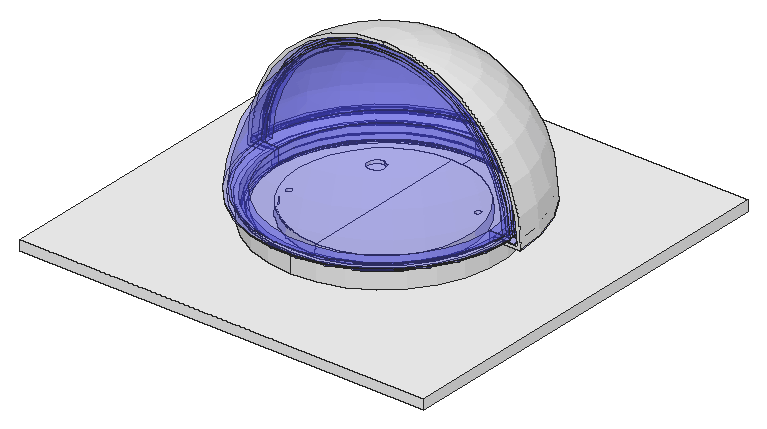
Revit family "BE_24024_de_DE", category Leuchten, Revit 2015
Parameters (values of type "BEGA_24024_Weiß_K3")
  built-in parameter 1150104 = 8.8258 (stored number, unit not read)
  Wattage = 16 W
  Default Elevation = 0 mm
  built-in parameter 1150113 = 1 (stored number, unit not read)
  built-in parameter 1114218 = 1 (stored number, unit not read)
  Umgebungstemperatur = "25 °C"
  URL = "http://www.bega.de/produkt/24024"
  Typenkommentare = "© 2017 BEGA. Wir behalten uns das Recht vor, technische Änderungen ohne vorherige Ankündigung vorzunehmen."  # constant formula
  Type Image = 24024.png
  built-in parameter 1150134 = (empty or 0)
  built-in parameter 1150109 = 1 (stored number, unit not read)
  Strom = ""
  built-in parameter 1150110 = 1 (stored number, unit not read)
  Spannung = 230 V
  Sonderanfertigung = no
  Seriennummer [instance] = "Hier können Sie die eindeutige Seriennummer für das Facility Management eintragen."
  Schutzklasse = "I"
  Schutzart = "IP 44"
  Scheinlast = 0 VA
  Produktdatenblatt = "http://www.bega.de/download/Xrfa/db/24024.db.de.pdf"
  Oberflächentemperatur = ""
  Neigungswinkel = 0.00°
  Modell = "24024W"
  Material_17 = BEGA_Reflektor
  Material_15 = BEGA_Leuchtmedium_matt
  Material_11 = BEGA_Glas_opal
  Material_09 = BEGA_Glas_klar
  Material_06 = BEGA_Oberfläche_Edelstahl_gebürstet
  Material_03 = BEGA_Oberfläche_Weiss_matt
  Material_02 = BEGA_Oberfläche_Silber_matt
  Material_01 [instance] = BEGA_Oberfläche_Grafit_matt
  M_W = yes
  M_G = no
  M_A = no
  Logo = 0
  built-in parameter 1114217 = 1 (stored number, unit not read)
  built-in parameter 1150139 = (empty or 0)
  built-in parameter 1150105 = 120.96 (stored number, unit not read)
  built-in parameter 1150114 = 1 (stored number, unit not read)
  Lumens = 1520 lm
  built-in parameter 1150115 = 1 (stored number, unit not read)
  Leuchtenlichtstrom = "741 lm"
  Leuchtenanzahl = ""
  Lebensdauerkriterien = "L70B50 @ 25 °C = 71000 h"
  Lastklassifizierung = Beleuchtung
  built-in parameter 1150112 = 1 (stored number, unit not read)
  Lampenlichtstrom = "1520 lm"
  Lampe = "LED 16 W"
  LED_Modulbezeichnung = "LED-0608/830"
  built-in parameter 1150142 = (empty or 0)
  Hersteller = "BEGA"  # constant formula
  Halbstreuwinkel = ""
  Gewicht = "2.35 kg"
  Gebrauchslageneinschränkung [instance] = ""
  Frequenz = "50/60 Hz"
  Farbwiedergabeindex = "Ra > 80"
  Farbtemperaturverschiebung bei Dämpfen der Lampe = <Keine Auswahl>
  Farbtemperatur = "3000 K"
  Color Filter = 16777215
  built-in parameter 1150133 = 10 (stored number, unit not read)
  Energieeffizienzklasse = "LED A++ - A"
  built-in parameter 1150137 = (empty or 0)
  built-in parameter 1150132 = (empty or 0)
  ENEC = ""
  Dimmbar [instance] = ""
  Datei für fotometrisches Netz = "BE_24024.IES"
  CE_Konformität = "ja"
  Bestellnummer = "24024W"
  Beschreibung_Sonderanfertigung = "Hier können Sie Informationen zur Sonderanfertigung eintragen."
  Beschreibung = "Wandleuchte"
  built-in parameter 1150106 = 1.2096 (stored number, unit not read)
  Befestigungsbohrung = "Ø 5,5 mm"
  Befestigungsabstand = "150 mm"
  Ballwurfsicher = ""
  BEGA_Intern_aus = yes
  BEGA_Intern_an = yes
  BEGA_Intern_Konstruktion = yes
  BEGA_Intern = yes
  BEGA_IES = yes
  BEGA_Dummy = no
  Anschlussleitung = ""
  Anschlussleistung [instance] = "16 W"
  Anschlusskasten = ""
  built-in parameter 1150107 = 3000 (stored number, unit not read)
  built-in parameter 1150102 = (empty or 0)
  built-in parameter 1150138 = (empty or 0)
  Aktualisierung = "2017-07-04T04:09:06"
  Abstand_zur_angestrahlten_Fläche [instance] = ""
  AC/DC = "AC"
Types (2, lengths in mm): name | Modell | M_W | M_G | Bestellnummer
  BEGA_24024_Weiß_K3 | "24024W" | yes | no | "24024W"
  BEGA_24024_Grafit_K3 | "24024" | no | yes | "24024"
Reference planes
  plane 1 "Mitte (Vorne/Hinten)": y = 0
  plane 2: z = 0
  plane 3 "Mitte (Links/Rechts)": x = 0
  plane 4 "Links": x = -135
  plane 5 "Rechts": x = 135
  plane 6 "Unten": y = -124.366
  plane 7 "Oben": y = 135.581
  plane 8 "Vorne": z = 157.599
  plane 9 "Hinten": z = 0
Forms (mm)
  Extrusion 1, solid, material "BEGA_Platte_Weiss"
    sketch origin (0, -1119.2, 0) x (1, 0, 0) y (0, 1, 0)
      loop
        line (-200, 1319.2) -> (-200, 919.2) -> (200, 919.2) -> (200, 1319.2) -> (-200, 1319.2)
    from 0 to -10
  Extrusion 2, solid, material "BEGA_Dummy_matt", visible <- "BEGA_Dummy"
    sketch origin (77.149, -76.023, 0) x (1, 0, 0) y (0, 1, 0)
      loop
        circle (-77.149, 76.023) r 135
    from 0 to 157.599
Dimensions and locks
  plane 1 "Mitte (Vorne/Hinten)" to Extrusion 1 = 200 mm
  aligned and locked: plane 2 to Extrusion 1
  aligned and locked: level to Extrusion 1
Nested families
  nested 1: "BE_24024" at (0, 0, 0) x (0, -1, 0) z (0, 0, 1), type "BE_24024"
Connectors
  electrical at (0, 0, 0), driven by "Lastklassifizierung", driven by "Spannung", driven by "Scheinlast"
    settings: index 1, voltage 230 V, apparent load 0 VA, apparent load phase1 0 VA, apparent load phase2 0 VA, apparent load phase3 0 VA, power factor 1, load classification "Beleuchtung", number of poles 1, system type 31, power factor state 1, is connector primary yes, connector utility no, sub classification motor no, connector description ""
Definition of nested family "BE_24024"
  Parameters (values of type "BE_24024")
    Default Elevation = 1 mm
    URL = "http://www.bega.de/de/produkt"
    Type Comments = "© 2015 BEGA. Wir behalten uns das Recht vor, technische Änderungen ohne vorherige Ankündigung vorzunehmen. "  # constant formula
    Type Image = (empty or 0)
    Neigungswinkel_um_Z2 = 0.00°
    Neigungswinkel_um_Z1 = 0.00°
    Neigungswinkel_um_Y2 = 0.00°
    Neigungswinkel_um_Y1 = 0.00°
    Neigungswinkel_um_X2 = 0.00°
    Neigungswinkel_um_X1 = 0.00°
    Material_17 = none
    Material_15 = none
    Material_11 = none
    Material_09 = none
    Material_06 = none
    Material_05 = none
    Material_03 = none
    Material_02 = none
    Material_01 = none
    M_W = yes
    M_G = yes
    M_A = yes
    Länge_Platte = 350 mm  # constant formula
    Höhe_Platte = -10 mm  # constant formula
    Manufacturer = "BEGA"  # constant formula
    Drehwinkel_um_Z2 = 0.00°
    Drehwinkel_um_Z1 = 0.00°
    Breite_Platte = 350 mm  # constant formula
  Reference planes
    plane 1 "Mitte (Oben/Unten)": y = 0
    plane 2: z = 0
    plane 3 "Mitte (Links/Rechts)": x = 0
    plane 4 "Unten": y = -135
    plane 5: x = -135.581
    plane 6: z = 157.599
    plane 7: x = 124.366
    plane 8: y = 135
  Forms (mm)
    Extrusion 1, solid, detail levels medium
      sketch origin (0, 0, 0) x (1, 0, 0) y (0, 1, 0)
        loop
          line (-175, 175) -> (-175, -175) -> (175, -175) -> (175, 175) -> (-175, 175)
      from 0 to -10 <- "Höhe_Platte"
    Revolve 2, solid, material <- "Material_01", visible <- "M_G", detail levels medium+fine
      sketch origin (0, 0, 0) x (1, 0, 0) y (0, 0, 1)
        loop
          line (-115.28, 20.21) -> (-114.662, 2.5) -> (-112.01, 2.5) -> (-112.01, 3.7) -> (-85.19, 3.7)
          arc (-85.19, 3.7) -> (-83.125, 4.524) -> (-82.194, 6.543) r 3
          line (-82.194, 6.543) -> (-81.829, 13.5) -> (0, 13.5) -> (0, 16.3) -> (-84.486, 16.3) -> (-85, 6.5) -> (-111.034, 6.5)
          arc (-111.034, 6.5) -> (-111.729, 6.78) -> (-112.034, 7.464) r 1
          line (-112.034, 7.464) -> (-112.559, 22.5) -> (-116, 22.5) -> (-116, 20.8) -> (-115.28, 20.21)
        axis (0, 2.5) -> (0, 22.5)
      angle from 0 to 360
    Revolve 3, solid, material <- "Material_01", visible <- "M_G", detail levels medium+fine
      sketch origin (0, 0, 0) x (1, 0, 0) y (0, 0, 1)
        loop
          arc (97.552, 1.995) -> (98.421, 0.562) -> (100, 0) r 2.5
          line (100, 0) -> (100, 3.7) -> (97.2, 3.7) -> (97.552, 1.995)
        axis (100, 0) -> (100, 3.7)
      angle from 0 to 360
    Revolve 4, solid, material <- "Material_01", visible <- "M_G", detail levels medium+fine
      sketch origin (0, 0, 0) x (-0.5, -0.866025, 0) y (0, 0, 1)
        loop
          arc (97.552, 1.995) -> (98.421, 0.562) -> (100, 0) r 2.5
          line (100, 0) -> (100, 3.7) -> (97.2, 3.7) -> (97.552, 1.995)
        axis (100, 0) -> (100, 3.7)
      angle from 0 to 360
    Revolve 5, solid, material <- "Material_01", visible <- "M_G", detail levels medium+fine
      sketch origin (0, 0, 0) x (-0.5, 0.866025, 0) y (0, 0, 1)
        loop
          arc (97.552, 1.995) -> (98.421, 0.562) -> (100, 0) r 2.5
          line (100, 0) -> (100, 3.7) -> (97.2, 3.7) -> (97.552, 1.995)
        axis (100, 0) -> (100, 3.7)
      angle from 0 to 360
    Revolve 6, solid, material <- "Material_11", detail levels medium+fine
      sketch origin (0, 0, 0) x (1, 0, 0) y (0, 0, 1)
        loop
          arc (120.255, 28.994) -> (119.73, 27.541) -> (118.326, 26.896) r 2
          line (118.326, 26.896) -> (103.904, 26.896) -> (103.904, 12.5) -> (106.404, 10.5) -> (106.404, 8.5) -> (110.404, 8.5) -> (110.404, 14.159) -> (107.904, 16.31) -> (107.904, 23) -> (121.44, 23)
          arc (121.44, 23) -> (123.54, 23.931) -> (124.366, 26.073) r 3
          arc (124.366, 26.073) -> (86.699, 112.469) -> (-0.596, 148) r 125
          line (-0.596, 148) -> (-0.596, 144)
          arc (-0.596, 144) -> (82.818, 110.654) -> (120.255, 28.994) r 121
        axis (-0.596, 8.5) -> (-0.596, 148)
      angle from -90 to 90
    Revolve 7, solid, material <- "Material_11", detail levels medium+fine
      sketch origin (0, 0, 0) x (1, 0, 0) y (0, 0, 1)
        loop
          arc (-0.596, 148) -> (-2.154, 147.99) -> (-3.712, 147.961) r 125
          arc (-3.712, 147.961) -> (-5.096, 148.509) -> (-5.756, 149.826) r 2
          line (-5.756, 149.826) -> (-5.943, 151.965)
          arc (-5.943, 151.965) -> (-6.633, 153.307) -> (-8.062, 153.787) r 2
          arc (-8.062, 153.787) -> (-94.482, 114.359) -> (-131.538, 26.896) r 131
          line (-131.538, 26.896) -> (-127.536, 26.896)
          arc (-127.536, 26.896) -> (-92.759, 110.378) -> (-11.248, 149.552) r 127
          arc (-11.248, 149.552) -> (-10.152, 149.202) -> (-9.627, 148.179) r 1.5
          line (-9.627, 148.179) -> (-9.234, 143.691)
          arc (-9.234, 143.691) -> (-4.918, 143.923) -> (-0.596, 144) r 121
          line (-0.596, 144) -> (-0.596, 148)
        axis (-131.538, 26.896) -> (-0.596, 26.896)
      angle from -90 to 90
    Revolve 8, solid, material <- "Material_11", detail levels medium+fine
      sketch origin (0, 0, 0) x (1, 0, 0) y (0, 0, 1)
        loop
          line (-109.096, 23) -> (-109.096, 16.31) -> (-111.596, 14.159) -> (-111.596, 8.5) -> (-107.596, 8.5) -> (-107.596, 10.349) -> (-105.096, 12.5) -> (-105.096, 26.896) -> (-125.528, 26.896)
          arc (-125.528, 26.896) -> (-126.932, 27.541) -> (-127.457, 28.994) r 2
          line (-127.457, 28.994) -> (-131.459, 28.994)
          arc (-131.459, 28.994) -> (-131.518, 27.532) -> (-131.56, 26.07) r 131
          arc (-131.56, 26.07) -> (-130.727, 23.925) -> (-128.619, 23) r 3
          line (-128.619, 23) -> (-109.096, 23)
        axis (-0.596, 28.994) -> (-0.596, 8.5)
      angle from -90 to 90
    Revolve 9, solid, material <- "Material_01", visible <- "M_G"
      sketch origin (0, 0, 0) x (1, 0, 0) y (0, 0, 1)
        loop
          arc (-1.098, 157.601) -> (-96.942, 117.165) -> (-135.58, 20.582) r 135
          arc (-135.58, 20.582) -> (-135.282, 19.886) -> (-134.581, 19.599) r 1
          line (-134.581, 19.599) -> (-117.346, 19.599) -> (-117.346, 22.5) -> (-132.596, 22.5)
          arc (-132.596, 22.5) -> (-93.969, 115.903) -> (-0.596, 154.6) r 132
          line (-0.596, 154.6) -> (-0.596, 157.099)
          arc (-0.596, 157.099) -> (-0.743, 157.453) -> (-1.098, 157.601) r 0.5
        axis (-0.596, 157.601) -> (-0.596, 19.599)
      angle from -90 to 90
    Extrusion 10, void
      sketch origin (0, 0, 0) x (1, 0, 0) y (0, 1, 0)
        loop
          circle (-31.696, 67.973) r 2.75
        loop
          circle (31.696, -67.973) r 2.75
        loop
          circle (-41, -40) r 8.5
      from 0 to 17.6
    Revolve 11, solid, material <- "Material_03", visible <- "M_W"
      sketch origin (0, 0, 0) x (1, 0, 0) y (0, 0, 1)
        loop
          arc (-1.098, 157.601) -> (-96.942, 117.165) -> (-135.58, 20.582) r 135
          arc (-135.58, 20.582) -> (-135.282, 19.886) -> (-134.581, 19.599) r 1
          line (-134.581, 19.599) -> (-117.346, 19.599) -> (-117.346, 22.5) -> (-132.596, 22.5)
          arc (-132.596, 22.5) -> (-93.969, 115.903) -> (-0.596, 154.6) r 132
          line (-0.596, 154.6) -> (-0.596, 157.099)
          arc (-0.596, 157.099) -> (-0.743, 157.453) -> (-1.098, 157.601) r 0.5
        axis (-0.596, 157.601) -> (-0.596, 19.599)
      angle from -90 to 90
    Revolve 12, solid, material <- "Material_03", visible <- "M_W", detail levels medium+fine
      sketch origin (0, 0, 0) x (1, 0, 0) y (0, 0, 1)
        loop
          line (-115.28, 20.21) -> (-114.662, 2.5) -> (-112.01, 2.5) -> (-112.01, 3.7) -> (-85.19, 3.7)
          arc (-85.19, 3.7) -> (-83.125, 4.524) -> (-82.194, 6.543) r 3
          line (-82.194, 6.543) -> (-81.829, 13.5) -> (0, 13.5) -> (0, 16.3) -> (-84.486, 16.3) -> (-85, 6.5) -> (-111.034, 6.5)
          arc (-111.034, 6.5) -> (-111.729, 6.78) -> (-112.034, 7.464) r 1
          line (-112.034, 7.464) -> (-112.559, 22.5) -> (-116, 22.5) -> (-116, 20.8) -> (-115.28, 20.21)
        axis (0, 2.5) -> (0, 22.5)
      angle from 0 to 360
    Revolve 13, solid, material <- "Material_03", visible <- "M_W", detail levels medium+fine
      sketch origin (0, 0, 0) x (1, 0, 0) y (0, 0, 1)
        loop
          arc (97.552, 1.995) -> (98.421, 0.562) -> (100, 0) r 2.5
          line (100, 0) -> (100, 3.7) -> (97.2, 3.7) -> (97.552, 1.995)
        axis (100, 0) -> (100, 3.7)
      angle from 0 to 360
    Revolve 14, solid, material <- "Material_03", visible <- "M_W", detail levels medium+fine
      sketch origin (0, 0, 0) x (-0.5, -0.866025, 0) y (0, 0, 1)
        loop
          arc (97.552, 1.995) -> (98.421, 0.562) -> (100, 0) r 2.5
          line (100, 0) -> (100, 3.7) -> (97.2, 3.7) -> (97.552, 1.995)
        axis (100, 0) -> (100, 3.7)
      angle from 0 to 360
    Revolve 15, solid, material <- "Material_03", visible <- "M_W", detail levels medium+fine
      sketch origin (0, 0, 0) x (-0.5, 0.866025, 0) y (0, 0, 1)
        loop
          arc (97.552, 1.995) -> (98.421, 0.562) -> (100, 0) r 2.5
          line (100, 0) -> (100, 3.7) -> (97.2, 3.7) -> (97.552, 1.995)
        axis (100, 0) -> (100, 3.7)
      angle from 0 to 360
  Cuts and joins
    Extrusion 10 cuts Revolve 2
    Extrusion 10 cuts Revolve 3
    Extrusion 10 cuts Revolve 4
    Extrusion 10 cuts Revolve 5
    joined: Revolve 2, Revolve 3, Revolve 4, Revolve 5
    Extrusion 10 cuts Revolve 6
    Extrusion 10 cuts Revolve 7
    joined: Revolve 6, Revolve 7
    Extrusion 10 cuts Revolve 9
    Extrusion 10 cuts Revolve 12
    joined: Revolve 12, Revolve 13, Revolve 14, Revolve 15
  Dimensions and locks
    equal spacing: Extrusion 1 sketch curve, plane 3 "Mitte (Links/Rechts)", Extrusion 1 sketch curve
    equal spacing: Extrusion 1 sketch curve, plane 1 "Mitte (Oben/Unten)", Extrusion 1 sketch curve
    "Länge_Platte": Extrusion 1 sketch curve to Extrusion 1 sketch curve
    "Breite_Platte": Extrusion 1 sketch curve to Extrusion 1 sketch curve
    aligned and locked: plane 2 to Extrusion 1
    aligned and locked: level to Extrusion 1
  Automatic sketch dimensions
    Revolve 3 sketch curve to Revolve 3 sketch curve = 2.8 mm
    Revolve 3 sketch curve to Revolve 3 sketch curve = 0 mm  (x6)
    Revolve 3 sketch curve to Revolve 3 sketch curve = 1.2 mm
    Revolve 3 sketch curve to Revolve 3 sketch curve = 0.352 mm
    Revolve 3 sketch curve to Revolve 3 sketch curve = 2.5 mm
    Revolve 4 sketch curve to Revolve 4 sketch curve = 2.8 mm
    Revolve 4 sketch curve to Revolve 4 sketch curve = 0 mm  (x6)
    Revolve 4 sketch curve to Revolve 4 sketch curve = 1.2 mm
    Revolve 4 sketch curve to Revolve 4 sketch curve = 0.352 mm
    Revolve 4 sketch curve to Revolve 4 sketch curve = 2.5 mm
    Revolve 5 sketch curve to Revolve 5 sketch curve = 2.8 mm
    Revolve 5 sketch curve to Revolve 5 sketch curve = 0 mm  (x6)
    Revolve 5 sketch curve to Revolve 5 sketch curve = 1.2 mm
    Revolve 5 sketch curve to Revolve 5 sketch curve = 0.352 mm
    Revolve 5 sketch curve to Revolve 5 sketch curve = 2.5 mm
    level to Revolve 3 sketch curve = 3.7 mm
    plane 3 "Mitte (Links/Rechts)" to Revolve 3 sketch curve = 97.2 mm
    level to Revolve 4 sketch curve = 3.7 mm
    level to Revolve 5 sketch curve = 3.7 mm
    Revolve 6 sketch curve to plane 3 "Mitte (Links/Rechts)" = 0.596 mm  (x3)
    level to Revolve 6 sketch curve = 12.5 mm
    Revolve 6 sketch curve to Revolve 6 sketch curve = 2.5 mm  (x2)
    level to Revolve 6 sketch curve = 10.5 mm
    Revolve 6 sketch curve to Revolve 6 sketch curve = 0 mm  (x5)
    Revolve 6 sketch curve to Revolve 6 sketch curve = 4 mm  (x2)
    level to Revolve 6 sketch curve = 14.159 mm
    Revolve 6 sketch curve to Revolve 6 sketch curve = 2 mm
    Revolve 6 sketch curve to Revolve 6 sketch curve = 2.151 mm
    level to Revolve 6 sketch curve = 23 mm
    Revolve 6 sketch curve to Revolve 6 sketch curve = 1.998 mm
    Revolve 6 sketch curve to Revolve 6 sketch curve = 0.073 mm
    level to Revolve 6 sketch curve = 26.896 mm
    Revolve 6 sketch curve to Revolve 6 sketch curve = 3.154 mm
    Revolve 6 sketch curve to Revolve 6 sketch curve = 6.108 mm
    Revolve 6 sketch curve to Revolve 6 sketch curve = 10.354 mm
    Revolve 6 sketch curve to Revolve 6 sketch curve = 2.999 mm
    Revolve 6 sketch curve to Revolve 6 sketch curve = 1.999 mm
    Revolve 6 sketch curve to Revolve 6 sketch curve = 0.068 mm
    Revolve 6 sketch curve to Revolve 6 sketch curve = 3.896 mm
    Revolve 7 sketch curve to Revolve 7 sketch curve = 0 mm  (x10)
    level to Revolve 7 sketch curve = 26.896 mm
    Revolve 7 sketch curve to Revolve 7 sketch curve = 4.002 mm
    Revolve 7 sketch curve to plane 3 "Mitte (Links/Rechts)" = 11.122 mm
    Revolve 7 sketch curve to Revolve 7 sketch curve = 1.495 mm
    Revolve 7 sketch curve to Revolve 7 sketch curve = 0.393 mm
    Revolve 7 sketch curve to Revolve 7 sketch curve = 1.69 mm
    Revolve 7 sketch curve to plane 3 "Mitte (Links/Rechts)" = 3.763 mm
    Revolve 7 sketch curve to plane 3 "Mitte (Links/Rechts)" = 0.596 mm  (x2)
    level to Revolve 7 sketch curve = 23 mm
    Revolve 7 sketch curve to Revolve 7 sketch curve = 4 mm
    Revolve 7 sketch curve to Revolve 7 sketch curve = 4.366 mm
    Revolve 7 sketch curve to Revolve 7 sketch curve = 0.122 mm
    Revolve 7 sketch curve to Revolve 7 sketch curve = 2 mm
    Revolve 7 sketch curve to Revolve 7 sketch curve = 3.612 mm
    Revolve 7 sketch curve to Revolve 7 sketch curve = 1.532 mm
    Revolve 7 sketch curve to Revolve 7 sketch curve = 37.824 mm
    Revolve 7 sketch curve to Revolve 7 sketch curve = 0.126 mm
    Revolve 7 sketch curve to Revolve 7 sketch curve = 0.125 mm
    Revolve 7 sketch curve to Revolve 7 sketch curve = 1.992 mm  (x2)
    Revolve 7 sketch curve to Revolve 7 sketch curve = 0.002 mm
    Revolve 7 sketch curve to Revolve 7 sketch curve = 0.05 mm
    Revolve 7 sketch curve to Revolve 7 sketch curve = 0.001 mm
    Revolve 7 sketch curve to Revolve 7 sketch curve = 0.04 mm
    Revolve 8 sketch curve to Revolve 8 sketch curve = 2.84 mm
    Revolve 8 sketch curve to Revolve 8 sketch curve = 0.058 mm
    Revolve 8 sketch curve to Revolve 8 sketch curve = 1.104 mm
    Revolve 8 sketch curve to Revolve 8 sketch curve = 1.998 mm
    level to Revolve 8 sketch curve = 8.5 mm
    Revolve 8 sketch curve to Revolve 8 sketch curve = 17.023 mm
    Revolve 8 sketch curve to Revolve 8 sketch curve = 2.5 mm
    Revolve 8 sketch curve to Revolve 8 sketch curve = 4 mm  (x2)
    Revolve 8 sketch curve to plane 3 "Mitte (Links/Rechts)" = 0.596 mm  (x2)
    Revolve 8 sketch curve to Revolve 8 sketch curve = 1.849 mm
    Revolve 8 sketch curve to Revolve 8 sketch curve = 2.151 mm  (x2)
    Revolve 8 sketch curve to Revolve 8 sketch curve = 3.81 mm
    level to Revolve 8 sketch curve = 22.999 mm
    Revolve 8 sketch curve to Revolve 8 sketch curve = 6.691 mm
    Revolve 8 sketch curve to Revolve 8 sketch curve = 2.999 mm
    Revolve 8 sketch curve to Revolve 8 sketch curve = 3.896 mm
    Revolve 8 sketch curve to Revolve 8 sketch curve = 23.887 mm
    Revolve 8 sketch curve to Revolve 8 sketch curve = 0.099 mm
    Revolve 8 sketch curve to Revolve 8 sketch curve = 0.068 mm
    level to Revolve 9 sketch curve = 20.599 mm
    Revolve 9 sketch curve to Revolve 9 sketch curve = 1.985 mm
    Revolve 9 sketch curve to Revolve 9 sketch curve = 15.25 mm
    Revolve 9 sketch curve to plane 3 "Mitte (Links/Rechts)" = 1.096 mm
    Revolve 9 sketch curve to plane 3 "Mitte (Links/Rechts)" = 0.596 mm  (x2)
    Revolve 9 sketch curve to Revolve 9 sketch curve = 0 mm  (x3)
    Revolve 9 sketch curve to Revolve 9 sketch curve = 1 mm
    Revolve 9 sketch curve to Revolve 9 sketch curve = 2.901 mm
    level to Revolve 9 sketch curve = 22.6 mm
    Revolve 9 sketch curve to Revolve 9 sketch curve = 0.002 mm  (x2)
    Revolve 9 sketch curve to Revolve 9 sketch curve = 2.499 mm
    Revolve 9 sketch curve to Revolve 9 sketch curve = 0.999 mm
    Revolve 9 sketch curve to Revolve 9 sketch curve = 18.484 mm
    Revolve 7 sketch curve to Revolve 7 sketch curve = 126.94 mm
    Revolve 8 sketch curve to plane 5 = 30.485 mm
    Revolve 9 sketch curve to plane 6 = 0 mm
    plane 7 to Revolve 6 sketch curve = 20.462 mm
    Revolve 7 sketch curve to Revolve 7 sketch curve = 5.861 mm
    plane 6 to Revolve 8 sketch curve = 26.887 mm
    Extrusion 10 sketch curve to plane 3 "Mitte (Links/Rechts)" = 41 mm
    Extrusion 10 sketch curve to plane 3 "Mitte (Links/Rechts)" = 31.696 mm
    plane 3 "Mitte (Links/Rechts)" to Extrusion 10 sketch curve = 31.696 mm
    plane 4 "Unten" to Extrusion 10 sketch curve = 67.027 mm
    plane 1 "Mitte (Oben/Unten)" to Extrusion 10 sketch curve = 40 mm
    plane 8 to Extrusion 10 sketch curve = 67.027 mm
    Revolve 2 sketch curve to plane 3 "Mitte (Links/Rechts)" = 0 mm  (x2)
    Revolve 2 sketch curve to plane 5 = 51.095 mm
    level to Revolve 2 sketch curve = 6.5 mm
    Revolve 2 sketch curve to Revolve 2 sketch curve = 0.514 mm
    Revolve 2 sketch curve to Revolve 2 sketch curve = 0.19 mm
    level to Revolve 2 sketch curve = 7.5 mm
    Revolve 2 sketch curve to plane 5 = 24.547 mm
    Revolve 2 sketch curve to Revolve 2 sketch curve = 0.976 mm
    level to Revolve 2 sketch curve = 7.464 mm
    Revolve 2 sketch curve to Revolve 2 sketch curve = 0.525 mm
    Revolve 2 sketch curve to Revolve 2 sketch curve = 2.652 mm
    Revolve 2 sketch curve to Revolve 2 sketch curve = 2.722 mm
    Revolve 2 sketch curve to Revolve 2 sketch curve = 0.719 mm
    Revolve 2 sketch curve to Revolve 2 sketch curve = 2.8 mm  (x2)
    level to Revolve 2 sketch curve = 2.5 mm
    Revolve 2 sketch curve to Revolve 2 sketch curve = 0.2 mm
    Revolve 2 sketch curve to Revolve 2 sketch curve = 12.746 mm
    Revolve 2 sketch curve to Revolve 2 sketch curve = 0.59 mm
    Revolve 2 sketch curve to Revolve 2 sketch curve = 1.7 mm
    Revolve 2 sketch curve to Revolve 2 sketch curve = 2.657 mm
    level to Revolve 2 sketch curve = 13.5 mm
    level to Revolve 2 sketch curve = 6.543 mm
    Revolve 2 sketch curve to Revolve 2 sketch curve = 2.806 mm
    Revolve 2 sketch curve to Revolve 2 sketch curve = 0 mm  (x3)
    Revolve 2 sketch curve to Revolve 2 sketch curve = 6.189 mm
    Revolve 2 sketch curve to Revolve 2 sketch curve = 28.113 mm
    Revolve 11 sketch curve to plane 6 = 0 mm
    Revolve 11 sketch curve to plane 5 = 1 mm
    Revolve 11 sketch curve to Revolve 11 sketch curve = 1.985 mm
    Revolve 11 sketch curve to Revolve 11 sketch curve = 15.25 mm
    plane 6 to Revolve 11 sketch curve = 0.5 mm
    Revolve 11 sketch curve to plane 3 "Mitte (Links/Rechts)" = 1.096 mm
    Revolve 11 sketch curve to plane 3 "Mitte (Links/Rechts)" = 0.596 mm  (x2)
    Revolve 11 sketch curve to Revolve 11 sketch curve = 0 mm  (x2)
    Revolve 11 sketch curve to Revolve 11 sketch curve = 2.499 mm
    level to Revolve 11 sketch curve = 22.602 mm
    Revolve 11 sketch curve to Revolve 11 sketch curve = 0.002 mm
    Revolve 11 sketch curve to Revolve 11 sketch curve = 1.901 mm
    Revolve 11 sketch curve to Revolve 11 sketch curve = 1 mm
    Revolve 11 sketch curve to plane 5 = 0 mm
    Revolve 11 sketch curve to plane 6 = 0.002 mm
    Revolve 11 sketch curve to Revolve 11 sketch curve = 18.484 mm
    Revolve 12 sketch curve to plane 3 "Mitte (Links/Rechts)" = 0 mm  (x2)
    level to Revolve 12 sketch curve = 13.5 mm
    Revolve 12 sketch curve to plane 5 = 53.752 mm
    Revolve 12 sketch curve to Revolve 12 sketch curve = 2.657 mm
    level to Revolve 12 sketch curve = 6.5 mm
    Revolve 12 sketch curve to Revolve 12 sketch curve = 3.171 mm
    Revolve 12 sketch curve to Revolve 12 sketch curve = 0.19 mm
    level to Revolve 12 sketch curve = 7.5 mm
    Revolve 12 sketch curve to plane 5 = 24.547 mm
    Revolve 12 sketch curve to Revolve 12 sketch curve = 0.976 mm
    level to Revolve 12 sketch curve = 7.464 mm
    Revolve 12 sketch curve to Revolve 12 sketch curve = 0.525 mm
    Revolve 12 sketch curve to Revolve 12 sketch curve = 2.652 mm
    Revolve 12 sketch curve to Revolve 12 sketch curve = 2.722 mm
    Revolve 12 sketch curve to Revolve 12 sketch curve = 0.719 mm
    Revolve 12 sketch curve to Revolve 12 sketch curve = 2.8 mm  (x2)
    level to Revolve 12 sketch curve = 2.5 mm
    Revolve 12 sketch curve to Revolve 12 sketch curve = 0.2 mm
    Revolve 12 sketch curve to Revolve 12 sketch curve = 12.746 mm
    Revolve 12 sketch curve to Revolve 12 sketch curve = 0.59 mm
    Revolve 12 sketch curve to Revolve 12 sketch curve = 1.7 mm
    level to Revolve 12 sketch curve = 6.543 mm
    Revolve 12 sketch curve to Revolve 12 sketch curve = 2.806 mm
    Revolve 12 sketch curve to Revolve 12 sketch curve = 0 mm  (x3)
    Revolve 12 sketch curve to Revolve 12 sketch curve = 6.189 mm
    Revolve 12 sketch curve to Revolve 12 sketch curve = 28.113 mm
    level to Revolve 13 sketch curve = 3.7 mm
    plane 7 to Revolve 13 sketch curve = 27.166 mm
    Revolve 13 sketch curve to Revolve 13 sketch curve = 2.8 mm
    Revolve 13 sketch curve to Revolve 13 sketch curve = 0 mm  (x5)
    Revolve 13 sketch curve to Revolve 13 sketch curve = 1.2 mm
    level to Revolve 13 sketch curve = 0 mm
    level to Revolve 13 sketch curve = 1.995 mm
    Revolve 13 sketch curve to Revolve 13 sketch curve = 0.352 mm
    level to Revolve 14 sketch curve = 3.7 mm
    Revolve 14 sketch curve to Revolve 14 sketch curve = 2.8 mm
    Revolve 14 sketch curve to Revolve 14 sketch curve = 0 mm  (x5)
    Revolve 14 sketch curve to Revolve 14 sketch curve = 1.2 mm
    level to Revolve 14 sketch curve = 0 mm
    level to Revolve 14 sketch curve = 1.995 mm
    Revolve 14 sketch curve to Revolve 14 sketch curve = 0.352 mm
    level to Revolve 15 sketch curve = 3.7 mm
    Revolve 15 sketch curve to Revolve 15 sketch curve = 2.8 mm
    Revolve 15 sketch curve to Revolve 15 sketch curve = 0 mm  (x5)
    Revolve 15 sketch curve to Revolve 15 sketch curve = 1.2 mm
    level to Revolve 15 sketch curve = 0 mm
    level to Revolve 15 sketch curve = 1.995 mm
    Revolve 15 sketch curve to Revolve 15 sketch curve = 0.352 mm
    radius of Extrusion 10 sketch curve = 2.75 mm  (x2)
    radius of Extrusion 10 sketch curve = 8.5 mm
